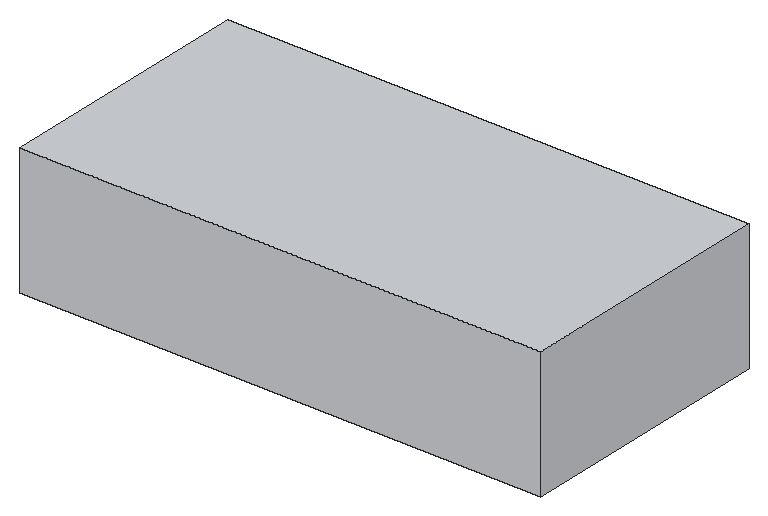
Revit family "Family2", category Generic Models, Revit 2017
Family settings
  Can host rebar = No
  Round Connector Dimension = Use Diameter
  Part Type = Normal
  Work Plane-Based = No
  Always vertical = Yes
  Cut with Voids When Loaded = No
  Shared = No
  Room Calculation Point = No
Reference planes (in)
  plane 1 "Center (Front/Back)": y = 0
  plane 2: z = 0
  plane 3 "Center (Left/Right)": x = 0
  plane 4: x = 48
  plane 5: y = -24
Forms (in)
  Extrusion 1, solid
    sketch origin (0, 0, 0) x (1, 0, 0) y (0, 1, 0)
      loop
        line (0, 0) -> (0, -24) -> (48, -24) -> (48, 0) -> (0, 0)
    from 0 to 12
Dimensions and locks (in)
  plane 3 "Center (Left/Right)" to plane 4 = 4' - 0"
  plane 5 to plane 1 "Center (Front/Back)" = 2' - 0"
  aligned and locked: plane 2 to level
  aligned and locked: plane 1 "Center (Front/Back)" to Extrusion 1 sketch curve
  aligned and locked: plane 3 "Center (Left/Right)" to Extrusion 1 sketch curve
  aligned and locked: plane 5 to Extrusion 1 sketch curve
  aligned and locked: Extrusion 1 sketch curve to plane 4
